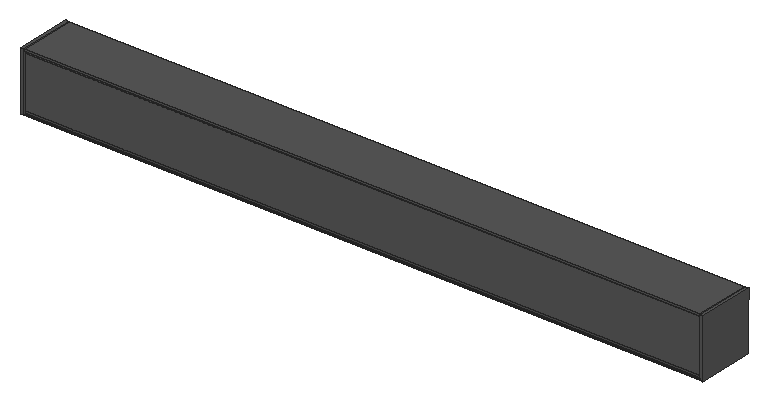
Revit family "EOS4.0-W-D", category Lighting Fixtures, host Face, Revit 2018
Family settings
  Host = Face
  Round Connector Dimension = Use Diameter
  Part Type = Normal
  Cut with Voids When Loaded = No
  Light Source = Yes
  Shared = Yes
  Room Calculation Point = Yes
Parameters (values of type "4' Direct")
  Wattage = 17.6471 W
  built-in parameter 1150110 = 1 (stored number, unit not read)
  Voltage = 0 V
  built-in parameter 1114217 = 1 (stored number, unit not read)
  built-in parameter 1150109 = 1 (stored number, unit not read)
  built-in parameter 1150134 = 12
  Switch Leg Visibility = yes
  Switch Leg [instance] = ""
  built-in parameter 1150113 = 1 (stored number, unit not read)
  Material [instance] = LUX ILLUMINAIRE Black
  built-in parameter 1150105 = 477.46 (stored number, unit not read)
  Lumens = 1500 lm
  built-in parameter 1150115 = 1 (stored number, unit not read)
  Light Source Symbol Size = 2' - 0"
  built-in parameter 1150137 = (empty or 0)
  built-in parameter 1150139 = (empty or 0)
  built-in parameter 1150112 = 1 (stored number, unit not read)
  built-in parameter 1150114 = 1 (stored number, unit not read)
  Lamp = "LED"
  built-in parameter 1150132 = 2
  built-in parameter 1150102 = (empty or 0)
  built-in parameter 1150107 = 4000 (stored number, unit not read)
  built-in parameter 1150138 = (empty or 0)
  built-in parameter 1150106 = 4.7746 (stored number, unit not read)
  Fixture Width = 0' - 4 3/16"
  Fixture Symbol Visiblity = yes
  Fixture Length = 4' - 0"
  Emit from Rectangle Width = Fixture Width - 0' 0" - 0' 0 1/2"  # 0' - 3 11/16"
  Emit from Rectangle Length = Fixture Length - 0' 0" - 0' 0 1/2"  # 3' - 11 1/2"
  Emit Shape Visible in Rendering = yes
  Emergency Lighting [instance] = no
  built-in parameter 1150104 = 7.8968 (stored number, unit not read)
  Dimming Lamp Color Temperature Shift = <None>
  Default Elevation = 7' - 0"
  Color Filter = 16777215
  built-in parameter 1140040 [instance] = 1
  built-in parameter 1114218 = 1 (stored number, unit not read)
  built-in parameter 1150133 = 10 (stored number, unit not read)
  Apparent Load = 13.6 VA
Types (7): name | Wattage | Voltage | built-in parameter 1150105 | Lumens | built-in parameter 1150106 | Fixture Length | Emit from Rectangle Length | Apparent Load
  2' Direct | 8.82353 W | 120 V | 238.73 (stored number, unit not read) | 750 lm | 2.3873 (stored number, unit not read) | 2' - 0" | 1' - 11 1/2" | 8.6 VA
  3' Direct | 13.2353 W | 0 V | 358.1 (stored number, unit not read) | 1125 lm | 3.581 (stored number, unit not read) | 3' - 0" | 2' - 11 1/2" | 10.2 VA
  4' Direct | 17.6471 W | 0 V | 477.46 (stored number, unit not read) | 1500 lm | 4.7746 (stored number, unit not read) | 4' - 0" | 3' - 11 1/2" | 13.6 VA
  5' Direct | 22.0588 W | 0 V | 596.83 (stored number, unit not read) | 1875 lm | 5.9683 (stored number, unit not read) | 5' - 0" | 4' - 11 1/2" | 17 VA
  6' Direct | 26.4706 W | 0 V | 716.2 (stored number, unit not read) | 2250 lm | 7.162 (stored number, unit not read) | 6' - 0" | 5' - 11 1/2" | 20.4 VA
  7' Direct | 30.8824 W | 0 V | 835.56 (stored number, unit not read) | 2625 lm | 8.3556 (stored number, unit not read) | 7' - 0" | 6' - 11 1/2" | 23.8 VA
  8' Direct | 35.2941 W | 0 V | 954.93 (stored number, unit not read) | 3000 lm | 9.5493 (stored number, unit not read) | 8' - 0" | 7' - 11 1/2" | 27.2 VA
Reference planes (in)
  plane 1 "Center (Front/Back)": y = 0
  plane 2: z = 0
  plane 3 "Center (Left/Right)": x = 0
  plane 4: x = 24
  plane 5: x = -24
  plane 6: z = 1
  plane 7: x = 24.25196
  plane 8: x = -24.25
Forms (in)
  Extrusion 1, solid, material "LUX ILLUMINAIRE Black" <- "Material"
    sketch origin (0.0005, 24.09501, 2.09434) x (0.000014, 0, 1) y (0, -1, 0)
      loop
        line (-2.094, 20.08053) -> (-0.437, 20.08053) -> (0.438, 20.08053) -> (2.09501, 20.08053) -> (2.09501, 24.09501) -> (2.01002, 24.09501) -> (2.01002, 23.982) -> (1.85803, 23.99997) -> (-1.85745, 23.99997) -> (-2.00901, 23.982) -> (-2.00901, 24.09501) -> (-2.094, 24.09501) -> (-2.094, 20.08053)
    from -24.00047 to 23.9995
  Extrusion 2, solid, material "LUX ILLUMINAIRE Black" <- "Material"
    sketch origin (0.0005, 24.09501, 2.09434) x (0.000014, 0, 1) y (0, -1, 0)
      loop
        line (-2.094, 24.09501) -> (-2.094, 20.08053) -> (-0.437, 20.08053) -> (0.438, 20.08053) -> (2.09501, 20.08053) -> (2.09501, 24.09501) -> (-2.094, 24.09501)
    from 23.99953 to 24.25146
  Extrusion 3, solid, not visible
    sketch origin (0, 0, 0) x (1, 0, 0) y (0, 1, 0)
      loop
        circle (0.00029, -24) r 0.1875
    from 0 to 1
  Extrusion 4, solid, not visible
    sketch origin (0, 0, 0) x (1, 0, 0) y (0, 1, 0)
      loop
        circle (0.0005, -24) r 0.03125
    from 1 to 13.33203
  Extrusion 5, solid, not visible
    sketch origin (0, 0, 0) x (1, 0, 0) y (0, 1, 0)
      loop
        circle (0.0005, -24) r 0.18729
    from 13.33203 to 14.08203
  Extrusion 6, solid, material "LUX ILLUMINAIRE Black" <- "Material"
    sketch origin (-23.9995, 24.09501, 2.09524) x (0.000014, 0, 1) y (0, 1, 0)
      loop
        line (-2.09431, -24.09501) -> (2.09319, -24.09501) -> (2.09319, -20.08053) -> (0.438, -20.08053) -> (-0.437, -20.08053) -> (-2.09431, -20.08053) -> (-2.09431, -24.09501)
    from 0.0005 to 0.25047
Lines and regions (in)
  symbolic lines, visible <- "Fixture Symbol Visiblity"
    curve 1: line (24, 0, 4.19671) -> (-24, 0, 4.19671)
    curve 2: line (24, 0, 0.09334) -> (24, 0, 4.19671)
    curve 3: line (-24, 0, 0.09334) -> (24, 0, 0.09334)
    curve 4: line (-24, 0, 4.19671) -> (-24, 0, 0.09334)
Dimensions and locks (in)
  plane 5 to plane 4 = 4' - 0"
  plane 4 to plane 5 = 4' - 0"
  equal spacing: plane 4, plane 3 "Center (Left/Right)", plane 5
  "Fixture Length": plane 4 to plane 5
  plane 7 to plane 4 = 0' - 0.25196"
  plane 5 to plane 8 = 0' - 0 1/4"
  aligned and locked: plane 2 to host face
  aligned and locked: level to host face
  aligned and locked: plane 7 to Extrusion 2
  aligned and locked: Extrusion 2 to plane 4
  aligned and locked: plane 4 to Extrusion 1
  aligned and locked: Extrusion 6 to plane 8
  aligned and locked: plane 5 to Extrusion 6
  aligned and locked: Extrusion 1 to plane 5
  aligned and locked: plane 5 to curve 4
  aligned and locked: curve 2 to plane 4
  aligned and locked: plane 4 to nested 1
  aligned and locked: nested 1 to plane 5
Automatic sketch dimensions
  host sketch curve to host sketch curve = 8' - 0"  (x2)
  Extrusion 1 sketch curve to plane 1 "Center (Front/Back)" = 0' - 4.01447"
  Extrusion 1 sketch curve to Extrusion 1 sketch curve = 0' - 0.08499"  (x2)
  Extrusion 1 sketch curve to Extrusion 1 sketch curve = 0' - 0.15157"
  Extrusion 1 sketch curve to Extrusion 1 sketch curve = 0' - 1.65701"
  Extrusion 1 sketch curve to Extrusion 1 sketch curve = 0' - 0 7/8"
  Extrusion 1 sketch curve to plane 1 "Center (Front/Back)" = 0' - 0.09503"
  Extrusion 1 sketch curve to Extrusion 1 sketch curve = 0' - 3.71548"
  Extrusion 1 sketch curve to Extrusion 1 sketch curve = 0' - 0.15199"
  Extrusion 1 sketch curve to Extrusion 1 sketch curve = 0' - 0.01797"  (x2)
  Extrusion 1 sketch curve to Extrusion 1 sketch curve = 0' - 0.113"  (x2)
  Extrusion 2 sketch curve to plane 1 "Center (Front/Back)" = 0' - 4.01447"
  Extrusion 2 sketch curve to Extrusion 2 sketch curve = 0' - 1.65701"
  Extrusion 2 sketch curve to Extrusion 2 sketch curve = 0' - 0 7/8"
  plane 1 "Center (Front/Back)" to Extrusion 2 sketch curve = 0' - 0"
  Extrusion 2 sketch curve to Extrusion 2 sketch curve = 0' - 4.18902"
  Extrusion 6 sketch curve to plane 1 "Center (Front/Back)" = 0' - 4.01447"
  Extrusion 6 sketch curve to Extrusion 6 sketch curve = 0' - 1.65731"
  Extrusion 6 sketch curve to Extrusion 6 sketch curve = 0' - 0 7/8"
  plane 1 "Center (Front/Back)" to Extrusion 6 sketch curve = 0' - 0"
  Extrusion 6 sketch curve to Extrusion 6 sketch curve = 0' - 4 3/16"
  level to curve 3 = 0' - 0.09334"
  plane 6 to curve 2 = 0' - 3.19671"
  radius of Extrusion 3 sketch curve = 0' - 0 3/16"
  radius of Extrusion 4 sketch curve = 0' - 0 1/32"
  radius of Extrusion 5 sketch curve = 0' - 0.18729"
Nested families (in)
  nested 1: "Emergency Symbol Rectangle" at (0, 0, -9.6721) x (-1, 0, 0) z (0, -1, 0), visible <- "Emergency Lighting", type "Emergency Symbol Rectangle"
    with Width 1' - 0.23826", Length 4' - 0"
Connectors (in)
  electrical at (0, 4.01447, 0.82884), driven by "Apparent Load", driven by "Voltage"
    settings: on Extrusion 1, index 1, voltage 0 V, apparent load 0 VA, apparent load phase1 13.6 VA, apparent load phase2 0 VA, apparent load phase3 0 VA, power factor 1, load classification "Other", number of poles 1, system type 31, power factor state 1, is connector primary yes, connector utility no, sub classification motor no, connector description ""
Definition of nested family "Emergency Symbol Rectangle"
  Parameters (values of type "Emergency Symbol Rectangle")
    Width [instance] = 0' - 8 1/2"
    Length [instance] = 5' - 0"
    Emergency Visibility = no
  Reference planes (in)
    plane 1 "Center (Front/Back)": y = -7.75
    plane 2: z = 0
    plane 3 "Center (Left/Right)": x = -24
    plane 4: x = 24
    plane 5: x = -36
    plane 6: y = -3.5
    plane 7: y = -12
  Lines and regions (in)
    Filled region 1, type "Solid Fill - Black", in view "Ref. Level", detail levels coarse+medium
      outline origin (0, 0.25, 0) x (1, 0, 0) y (0, 1, 0)
        loop
          line (-36, -12.25) -> (24, -12.25) -> (-36, -10.125) -> (-36, -12.25)
  Dimensions and locks (in)
    equal spacing: plane 7, plane 1 "Center (Front/Back)", plane 6
    "Width": plane 7 to plane 6
    "Length": plane 5 to plane 4
    aligned and locked: plane 5 to Filled region 1
  Automatic sketch dimensions
    plane 1 "Center (Front/Back)" to Filled region 1 sketch curve = 0' - 2 1/8"
    Filled region 1 sketch curve to plane 3 "Center (Left/Right)" = 1' - 0"
    Filled region 1 sketch curve to plane 4 = 0' - 0"
    Filled region 1 sketch curve to plane 7 = 0' - 0"
